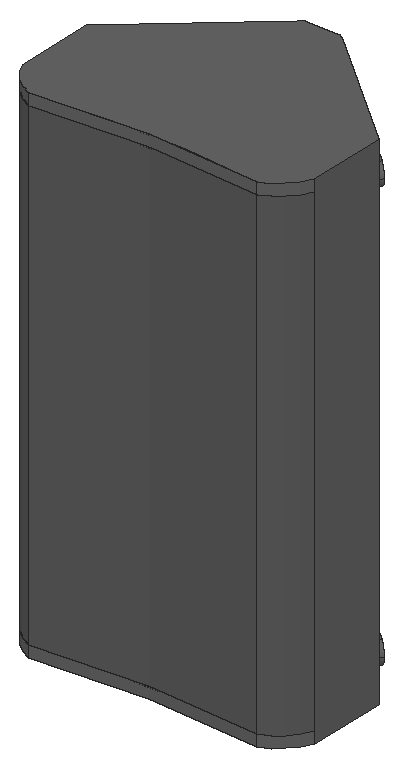
Revit family "AP-5122m", category Communication Devices, Revit 2012
Parameters
  Width = 381 mm
  Weight Product (lb) = 65
  Weight Product (kg) = 29.5
  Weight Dimensional (lb) = 72
  Weight Dimensional (kg) = 33
  URL = "http://www.qsc.com/products/speakers/ap/"
  Taper Offset from Front = 147 mm
  Sensitivity = 95
  SPL Max = 128
  Regulatory Compliance = "RoHS"
  Rear Face Width = 49 mm
  Product Page URL = "http://www.qsc.com/products/speakers/ap/"
  Product Documentation Link = "http://qscmarketing.com/files/4913/5543/3700/AP-5122m_SpecSheet_121212.pdf"
  Power Handling = 550
  Model = "AP-5122m"
  Manufacturer URL = "www.qscaudio.com"
  Manufacturer = "QSC Audio Products, LLC"
  Impedance = 8
  Height = 660 mm
  Grill Rear Offset from Front = 42 mm
  Grille Material [instance] = Black Grille
  Grill Height = 630 mm
  Grill Apex to Apex = 296 mm
  Front Curve Raidus = 80 mm
  Enclosure Material [instance] = Black Finish
  Description = "12-inch, Two-way Multipurpose Enclosure with 90-degree Axisymmetric Coverage\r\n12-inch, Two-way Trapezoidal Enclosure with 90-degree Axisymmetric Coverage"
  Depth = 292 mm
  Default Elevation = 0 mm
  Coverage Vertical = 90.00°
  Coverage Horizontal = 90.00°
Reference planes
  plane 1 "Front": y = 0
  plane 2 "Center (Elevation)": z = 0
  plane 3 "Center (Left/Right)": x = 0
  plane 4 "Back": y = 292
  plane 5 "Left": x = -190.5
  plane 6 "Right": x = 190.5
  plane 7 "Top": z = 330
  plane 8 "Bottom": z = -330
  plane 9 "Grill Top": z = 315
  plane 10 "Grill Bottom": z = -315
  plane 11 "Grill Apex Left": x = -148
  plane 12 "Grill Apex Right": x = 148
  plane 13 "Rear Face Left": x = -24.5
  plane 14 "Rear Face Right": x = 24.5
  plane 15 "Taper Begin": y = 147
  plane 16 "Grill Rear": y = 42
  plane 17 "Rear Left Slope Plane": through (190.5, 147, 1219.2) normal (0.6579, 0.7531, 0)
  plane 18 "Rear Right Slope Plane": through (-190.5, 147, 1219.2) normal (0.6579, -0.7531, 0)
Forms (mm)
  Extrusion 1, solid, material "Black Finish" <- "Enclosure Material"
    sketch origin (0, 0, -330) x (0, -1, 0) y (1, 0, 0)
      loop
        line (-292, 19.325) -> (-292, -19.325)
        arc (-292, -19.325) -> (-291.18, -24.217) -> (-288.81, -28.574) r 15
        line (-288.81, -28.574) -> (-147, -190.5) -> (-42, -190.5)
        arc (-42, -190.5) -> (-16.958, -173.542) -> (0, -148.5) r 80
        spline (0, -148.5) -> (-2.786, -123.75) -> (-5.065, -99) -> (-6.838, -74.25) -> (-8.104, -49.5) -> (-8.864, -24.75) -> (-9.117, 0) -> (-8.864, 24.75) -> (-8.104, 49.5) -> (-6.838, 74.25) -> (-5.065, 99) -> (-2.786, 123.75) -> (0, 148.5)
        arc (0, 148.5) -> (-16.958, 173.542) -> (-42, 190.5) r 80
        line (-42, 190.5) -> (-147, 190.5) -> (-288.81, 28.574)
        arc (-288.81, 28.574) -> (-291.18, 24.217) -> (-292, 19.325) r 15
    from 0 to 660 <- "Height"
  Extrusion 2, void
    sketch origin (0, 0, -315) x (0, -1, 0) y (1, 0, 0)
      loop
        line (-42, -190.5) -> (0, -190.5) -> (0, 190.5) -> (-42, 190.5) -> (-42, -190.5)
    from 0 to 630 <- "Grill Height"
  Extrusion 3, solid, material "Black Grille" <- "Grille Material"
    sketch origin (0, 0, -315) x (0, -1, 0) y (1, 0, 0)
      loop
        arc (-42, -190.5) -> (-16.958, -173.542) -> (0, -148.5) r 80
        spline (0, -148.5) -> (-2.786, -123.75) -> (-5.065, -99) -> (-6.838, -74.25) -> (-8.104, -49.5) -> (-8.864, -24.75) -> (-9.117, 0) -> (-8.864, 24.75) -> (-8.104, 49.5) -> (-6.838, 74.25) -> (-5.065, 99) -> (-2.786, 123.75) -> (0, 148.5)
        arc (0, 148.5) -> (-16.958, 173.542) -> (-42, 190.5) r 80
        line (-42, 190.5) -> (-42, -190.5)
    from 0 to 630 <- "Grill Height"
  Extrusion 4, solid, material "Black Finish" <- "Enclosure Material"
    sketch origin (55.933, 263.346, 39.974) x (-0.753139, 0.657862, 0) y (0, 0, 1)
      loop
        line (17.149, 253.026) -> (-157.851, 253.026)
        arc (-157.851, 253.026) -> (-167.397, 249.072) -> (-171.351, 239.526) r 13.5
        arc (-171.351, 239.526) -> (-167.397, 229.98) -> (-157.851, 226.026) r 13.5
        line (-157.851, 226.026) -> (17.149, 226.026)
        arc (17.149, 226.026) -> (26.695, 229.98) -> (30.649, 239.526) r 13.5
        arc (30.649, 239.526) -> (26.695, 249.072) -> (17.149, 253.026) r 13.5
    from 0 to 7
  Extrusion 5, solid, material "Black Finish" <- "Enclosure Material"
    sketch origin (55.933, 263.346, -519.026) x (-0.753139, 0.657862, 0) y (0, 0, 1)
      loop
        line (17.149, 253.026) -> (-157.851, 253.026)
        arc (-157.851, 253.026) -> (-167.397, 249.072) -> (-171.351, 239.526) r 13.5
        arc (-171.351, 239.526) -> (-167.397, 229.98) -> (-157.851, 226.026) r 13.5
        line (-157.851, 226.026) -> (17.149, 226.026)
        arc (17.149, 226.026) -> (26.695, 229.98) -> (30.649, 239.526) r 13.5
        arc (30.649, 239.526) -> (26.695, 249.072) -> (17.149, 253.026) r 13.5
    from 0 to 7
  Extrusion 6, solid, material "Black Finish" <- "Enclosure Material"
    sketch origin (-142.077, 189.138, 0) x (0.753139, 0.657862, 0) y (0, 0, -1)
      loop
        arc (131.236, -293) -> (140.782, -289.046) -> (144.736, -279.5) r 13.5
        arc (144.736, -279.5) -> (140.782, -269.954) -> (131.236, -266) r 13.5
        line (131.236, -266) -> (-43.764, -266)
        arc (-43.764, -266) -> (-53.31, -269.954) -> (-57.264, -279.5) r 13.5
        arc (-57.264, -279.5) -> (-53.31, -289.046) -> (-43.764, -293) r 13.5
        line (-43.764, -293) -> (131.236, -293)
    from 0 to 7
  Extrusion 7, solid, material "Black Finish" <- "Enclosure Material"
    sketch origin (-142.077, 189.138, -559) x (0.753139, 0.657862, 0) y (0, 0, -1)
      loop
        arc (131.236, -293) -> (140.782, -289.046) -> (144.736, -279.5) r 13.5
        arc (144.736, -279.5) -> (140.782, -269.954) -> (131.236, -266) r 13.5
        line (131.236, -266) -> (-43.764, -266)
        arc (-43.764, -266) -> (-53.31, -269.954) -> (-57.264, -279.5) r 13.5
        arc (-57.264, -279.5) -> (-53.31, -289.046) -> (-43.764, -293) r 13.5
        line (-43.764, -293) -> (131.236, -293)
    from 0 to 7
  Extrusion 8, void
    sketch origin (190.5, 0, 0) x (0, 1, 0) y (0, 0, -1)
      loop
        line (259, 67) -> (292, 67) -> (292, 213) -> (259, 213) -> (259, 67)
    from 0 to 381 <- "Width"
Cuts and joins
  Extrusion 2, Extrusion 8 cuts Extrusion 1
Lines and regions (mm)
  model lines, detail levels fine
    curve 1: line (5.593, 20.918, 330) -> (-0.935, 29.52, 330)
    curve 2: line (-0.935, 29.52, 330) -> (5.593, 20.918, 330)
    curve 3: line (-24.606, 21.992, 330) -> (-22.139, 30.865, 330)
    curve 4: line (-22.139, 30.865, 330) -> (-24.606, 21.992, 330)
    curve 5: line (-20.486, 16.117, 330) -> (-22.327, 32.537, 330)
    curve 6: line (-22.327, 32.537, 330) -> (-20.486, 16.117, 330)
    curve 7: line (14.335, 27.605, 330) -> (20.157, 23.328, 330)
    curve 8: line (20.157, 23.328, 330) -> (14.335, 27.605, 330)
    curve 30: line (-5.593, 20.918, -330) -> (0.935, 29.52, -330)
    curve 31: line (0.935, 29.52, -330) -> (-5.593, 20.918, -330)
    curve 32: line (24.606, 21.992, -330) -> (22.139, 30.865, -330)
    curve 33: line (22.139, 30.865, -330) -> (24.606, 21.992, -330)
    curve 34: line (20.486, 16.117, -330) -> (22.327, 32.537, -330)
    curve 35: line (22.327, 32.537, -330) -> (20.486, 16.117, -330)
    curve 36: line (-14.335, 27.605, -330) -> (-20.157, 23.328, -330)
    curve 37: line (-20.157, 23.328, -330) -> (-14.335, 27.605, -330)
  model lines, detail levels medium+fine
    curve 9: line (-54.908, 39.912, 330) -> (-62.288, 7.111, 330)
    curve 10: arc (-49.825, 42, 330) -> (-52.573, 41.458, 330) -> (-54.908, 39.912, 330) r 7.23
    curve 11: line (-49.825, 42, 330) -> (0, 42, 330)
    curve 12: line (54.908, 39.912, 330) -> (62.288, 7.111, 330)
    curve 13: arc (49.825, 42, 330) -> (52.573, 41.458, 330) -> (54.908, 39.912, 330) r 7.23
    curve 14: line (49.825, 42, 330) -> (0, 42, 330)
    curve 18: circle (0, 162, -330) r 18 normal (0, 0, -1)
    curve 19: circle (0, 157, -330) r 25 normal (0, 0, -1)
    curve 20: arc (-48, 210, -330) -> (-53.845, 162, -330) -> (-48, 114, -330) r 200
    curve 21: arc (-48, 210, -330) -> (0, 215.845, -330) -> (48, 210, -330) r 200
    curve 22: arc (48, 210, -330) -> (53.845, 162, -330) -> (48, 114, -330) r 200
    curve 23: arc (48, 114, -330) -> (0, 108.155, -330) -> (-48, 114, -330) r 200
    curve 24: line (-54.908, 39.912, -330) -> (-62.288, 7.111, -330)
    curve 25: arc (-49.825, 42, -330) -> (-52.573, 41.458, -330) -> (-54.908, 39.912, -330) r 7.23
    curve 26: line (-49.825, 42, -330) -> (0, 42, -330)
    curve 27: line (54.908, 39.912, -330) -> (62.288, 7.111, -330)
    curve 28: arc (49.825, 42, -330) -> (52.573, 41.458, -330) -> (54.908, 39.912, -330) r 7.23
    curve 29: line (49.825, 42, -330) -> (0, 42, -330)
  reference lines
    curve 15: line (0, 259, -67) -> (0, 292, -67)
    curve 16: line (0, 259, -213) -> (0, 292, -213)
    curve 17: line (0, 259, -67) -> (0, 259, -213)
Dimensions and locks
  "Depth": plane 4 "Back" to plane 1 "Front"
  equal spacing: plane 5 "Left", plane 3 "Center (Left/Right)", plane 6 "Right"
  "Width": plane 5 "Left" to plane 6 "Right"
  equal spacing: plane 7 "Top", plane 2 "Center (Elevation)", plane 8 "Bottom"
  "Height": plane 7 "Top" to plane 8 "Bottom"
  equal spacing: plane 9 "Grill Top", plane 2 "Center (Elevation)", plane 10 "Grill Bottom"
  "Grill Height": plane 9 "Grill Top" to plane 10 "Grill Bottom"
  equal spacing: plane 11 "Grill Apex Left", plane 3 "Center (Left/Right)", plane 12 "Grill Apex Right"
  "Grill Apex to Apex": plane 11 "Grill Apex Left" to plane 12 "Grill Apex Right"
  equal spacing: plane 13 "Rear Face Left", plane 3 "Center (Left/Right)", plane 14 "Rear Face Right"
  "Rear Face Width": plane 13 "Rear Face Left" to plane 14 "Rear Face Right"
  "Taper Offset from Front": plane 15 "Taper Begin" to plane 1 "Front"
  "Grill Rear Offset from Front": plane 16 "Grill Rear" to plane 1 "Front"
  plane 7 "Top" to Extrusion 4 = 37 mm
  Extrusion 4 to Extrusion 5 = 532 mm
  plane 7 "Top" to Extrusion 6 = 37 mm
  Extrusion 6 to Extrusion 7 = 532 mm
  plane 8 "Bottom" to curve 16 = 117 mm
  curve 17 to plane 4 "Back" = 33 mm
  cut or joined group of Extrusion 1, Extrusion 2, Extrusion 8 to cut or joined group of Extrusion 1, Extrusion 2, Extrusion 8 = 146 mm
  "Front Curve Raidus": radius of Extrusion 1 sketch curve  (x2)
  aligned and locked: plane 2 "Center (Elevation)" to level
  aligned and locked: plane 4 "Back" to Extrusion 1 sketch curve
  aligned and locked: plane 5 "Left" to Extrusion 1 sketch curve
  aligned and locked: Extrusion 1 sketch curve to plane 6 "Right"
  aligned and locked: plane 16 "Grill Rear" to Extrusion 2 sketch curve
  aligned and locked: Extrusion 2 sketch curve to plane 5 "Left"
  aligned and locked: plane 1 "Front" to Extrusion 2 sketch curve
  aligned and locked: Extrusion 2 sketch curve to plane 6 "Right"
  aligned and locked: Extrusion 3 sketch curve to cut or joined group of Extrusion 1, Extrusion 2, Extrusion 8  (x3)
  aligned and locked: plane 15 "Taper Begin" to Extrusion 1 sketch curve  (x2)
  aligned and locked: curve 15 to Extrusion 8 sketch curve
  aligned and locked: Extrusion 8 sketch curve to curve 17
  aligned and locked: Extrusion 8 sketch curve to curve 16
  aligned and locked: plane 4 "Back" to Extrusion 8 sketch curve
Automatic sketch dimensions
  Extrusion 1 sketch curve to plane 16 "Grill Rear" = 0 mm  (x2)
  plane 1 "Front" to Extrusion 1 sketch curve = 0 mm
  plane 4 "Back" to Extrusion 1 sketch curve = 3.19 mm  (x2)
  plane 14 "Rear Face Right" to Extrusion 1 sketch curve = 5.175 mm
  plane 4 "Back" to Extrusion 1 sketch curve = 15 mm  (x2)
  plane 13 "Rear Face Left" to Extrusion 1 sketch curve = 5.175 mm
  plane 1 "Front" to Extrusion 1 sketch curve = 73.526 mm  (x2)
  plane 1 "Front" to Extrusion 3 sketch curve = 0 mm
  curve 14 to plane 16 "Grill Rear" = 0 mm
  curve 11 to plane 3 "Center (Left/Right)" = 0 mm
  plane 3 "Center (Left/Right)" to curve 1 = 5.593 mm
  curve 2 to curve 1 = 0 mm  (x2)
  curve 7 to plane 14 "Rear Face Right" = 10.165 mm
  curve 8 to curve 7 = 0 mm  (x2)
  curve 8 to plane 14 "Rear Face Right" = 4.343 mm
  curve 7 to curve 8 = 0 mm  (x2)
  curve 13 to plane 16 "Grill Rear" = 7.23 mm
  plane 14 "Rear Face Right" to curve 13 = 25.325 mm
  curve 12 to plane 16 "Grill Rear" = 2.088 mm
  curve 12 to plane 1 "Front" = 7.111 mm
  curve 12 to curve 13 = 12.462 mm
  curve 2 to plane 3 "Center (Left/Right)" = 0.935 mm
  curve 1 to curve 2 = 0 mm  (x2)
  curve 5 to plane 13 "Rear Face Left" = 4.014 mm
  curve 6 to curve 5 = 0 mm  (x3)
  curve 3 to plane 13 "Rear Face Left" = 2.361 mm
  curve 4 to curve 3 = 0 mm  (x2)
  curve 3 to curve 5 = 0.187 mm
  plane 13 "Rear Face Left" to curve 4 = 0.106 mm
  curve 3 to curve 4 = 0 mm
  curve 10 to plane 16 "Grill Rear" = 7.23 mm
  plane 13 "Rear Face Left" to curve 10 = 25.325 mm
  curve 10 to plane 16 "Grill Rear" = 2.088 mm
  curve 9 to plane 1 "Front" = 7.111 mm
  curve 10 to curve 9 = 12.462 mm
  curve 6 to plane 16 "Grill Rear" = 9.463 mm
  curve 5 to curve 6 = 0 mm
  curve 5 to curve 3 = 1.672 mm
  curve 1 to plane 16 "Grill Rear" = 12.48 mm
  curve 7 to plane 16 "Grill Rear" = 14.395 mm
  curve 7 to curve 8 = 4.277 mm
  curve 3 to curve 5 = 5.875 mm
  curve 1 to curve 2 = 8.602 mm
  curve 16 to plane 4 "Back" = 0 mm
  curve 15 to plane 4 "Back" = 0 mm
  curve 17 to level = 67 mm
  Extrusion 4 sketch curve to Extrusion 4 sketch curve = 0 mm  (x5)
  Extrusion 4 sketch curve to plane 9 "Grill Top" = 35.5 mm
  Extrusion 4 sketch curve to Extrusion 4 sketch curve = 13.5 mm  (x2)
  Extrusion 4 sketch curve to Extrusion 4 sketch curve = 175 mm
  Extrusion 5 sketch curve to Extrusion 5 sketch curve = 0 mm  (x5)
  Extrusion 5 sketch curve to plane 10 "Grill Bottom" = 35.5 mm
  Extrusion 5 sketch curve to Extrusion 5 sketch curve = 13.5 mm  (x2)
  Extrusion 5 sketch curve to Extrusion 5 sketch curve = 175 mm
  Extrusion 6 sketch curve to Extrusion 6 sketch curve = 0 mm  (x5)
  plane 9 "Grill Top" to Extrusion 6 sketch curve = 35.5 mm
  Extrusion 6 sketch curve to Extrusion 6 sketch curve = 13.5 mm  (x2)
  Extrusion 6 sketch curve to Extrusion 6 sketch curve = 175 mm
  Extrusion 7 sketch curve to Extrusion 7 sketch curve = 0 mm  (x5)
  plane 10 "Grill Bottom" to Extrusion 7 sketch curve = 35.5 mm
  Extrusion 7 sketch curve to Extrusion 7 sketch curve = 13.5 mm  (x2)
  Extrusion 7 sketch curve to Extrusion 7 sketch curve = 175 mm
  curve 18 to plane 3 "Center (Left/Right)" = 0 mm
  curve 19 to plane 3 "Center (Left/Right)" = 0 mm
  curve 23 to plane 3 "Center (Left/Right)" = 0 mm
  curve 23 to plane 4 "Back" = 16.155 mm
  curve 20 to plane 13 "Rear Face Left" = 23.5 mm
  plane 12 "Grill Apex Right" to curve 20 = 1.845 mm
  curve 20 to plane 15 "Taper Begin" = 15 mm
  plane 11 "Grill Apex Left" to curve 22 = 1.845 mm
  curve 22 to plane 15 "Taper Begin" = 15 mm
  curve 18 to plane 15 "Taper Begin" = 15 mm
  curve 18 to curve 19 = 5 mm
  curve 23 to plane 13 "Rear Face Left" = 23.5 mm
  curve 23 to plane 14 "Rear Face Right" = 23.5 mm
  plane 1 "Front" to curve 21 = 15.845 mm
  curve 21 to plane 3 "Center (Left/Right)" = 0 mm
  curve 21 to plane 15 "Taper Begin" = 63 mm
  curve 26 to plane 16 "Grill Rear" = 0 mm
  curve 29 to plane 3 "Center (Left/Right)" = 0 mm
  curve 24 to plane 16 "Grill Rear" = 2.088 mm
  curve 28 to plane 16 "Grill Rear" = 2.088 mm
  curve 25 to curve 26 = 7.23 mm
  curve 28 to plane 16 "Grill Rear" = 7.23 mm
  curve 34 to plane 14 "Rear Face Right" = 2.173 mm
  curve 34 to plane 16 "Grill Rear" = 9.463 mm
  curve 35 to plane 14 "Rear Face Right" = 2.173 mm
  curve 35 to curve 34 = 0 mm
  curve 32 to plane 14 "Rear Face Right" = 2.361 mm
  curve 32 to curve 34 = 1.672 mm
  curve 33 to plane 14 "Rear Face Right" = 2.361 mm
  plane 3 "Center (Left/Right)" to curve 31 = 0.935 mm
  curve 31 to plane 16 "Grill Rear" = 12.48 mm
  plane 3 "Center (Left/Right)" to curve 30 = 0.935 mm
  curve 30 to curve 31 = 0 mm
  curve 36 to plane 16 "Grill Rear" = 14.395 mm
  curve 37 to curve 36 = 0 mm
  curve 37 to plane 13 "Rear Face Left" = 4.343 mm
  curve 37 to curve 37 = 4.277 mm
  curve 36 to plane 13 "Rear Face Left" = 4.343 mm
  curve 36 to curve 37 = 0 mm  (x2)
  plane 14 "Rear Face Right" to curve 33 = 0.106 mm
  curve 33 to curve 33 = 8.873 mm
  plane 14 "Rear Face Right" to curve 32 = 0.106 mm
  curve 32 to curve 33 = 0 mm
  curve 30 to plane 3 "Center (Left/Right)" = 5.593 mm
  curve 30 to curve 30 = 8.602 mm
  curve 31 to plane 3 "Center (Left/Right)" = 5.593 mm
  curve 31 to curve 30 = 0 mm
  curve 35 to plane 14 "Rear Face Right" = 4.014 mm
  curve 35 to curve 33 = 5.875 mm
  curve 34 to plane 14 "Rear Face Right" = 4.014 mm
  curve 27 to plane 1 "Front" = 7.111 mm
  curve 24 to plane 1 "Front" = 7.111 mm
  plane 14 "Rear Face Right" to curve 29 = 25.325 mm
  curve 27 to curve 28 = 12.462 mm
  curve 37 to curve 37 = 5.822 mm
  plane 13 "Rear Face Left" to curve 25 = 25.325 mm
  curve 25 to curve 24 = 12.462 mm
  radius of curve 18 = 18 mm
  radius of curve 19 = 25 mm
Connectors
  electrical at (0, 259, -140)
    settings: on cut or joined group of Extrusion 1, Extrusion 2, Extrusion 8, index 3, voltage 0 V, apparent load 0 VA, apparent load phase1 0 VA, apparent load phase2 0 VA, apparent load phase3 0 VA, power factor 1, load classification "Other", number of poles 1, system type 14, power factor state 1, is connector primary no, connector utility no, sub classification motor no, connector description ""
  electrical at (0, 259, -140)
    settings: on cut or joined group of Extrusion 1, Extrusion 2, Extrusion 8, index 4, voltage 0 V, apparent load 0 VA, apparent load phase1 0 VA, apparent load phase2 0 VA, apparent load phase3 0 VA, power factor 1, load classification "Other", number of poles 1, system type 14, power factor state 1, is connector primary no, connector utility no, sub classification motor no, connector description "Speaker Input (HF)"
  electrical at (0, 259, -140)
    settings: on cut or joined group of Extrusion 1, Extrusion 2, Extrusion 8, index 5, voltage 0 V, apparent load 0 VA, apparent load phase1 0 VA, apparent load phase2 0 VA, apparent load phase3 0 VA, power factor 1, load classification "Other", number of poles 1, system type 14, power factor state 1, is connector primary yes, connector utility no, sub classification motor no, connector description "Speaker Input (Passive/LF)"
  electrical at (0, 259, -140)
    settings: on cut or joined group of Extrusion 1, Extrusion 2, Extrusion 8, index 6, voltage 0 V, apparent load 0 VA, apparent load phase1 0 VA, apparent load phase2 0 VA, apparent load phase3 0 VA, power factor 1, load classification "Other", number of poles 1, system type 14, power factor state 1, is connector primary no, connector utility no, sub classification motor no, connector description "Speaker Input (HF)"
